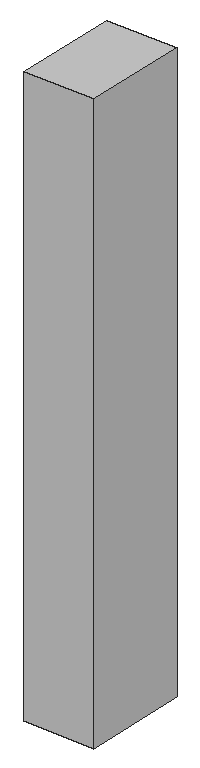
Revit family "M_Concrete-Rectangular-Column", category Structural Columns, Revit 2014
Parameters (values of type "300 x 450mm")
  b = 300 mm
  h = 450 mm
  Structural Material [instance] = Concrete, Cast-in-Place gray
Types (4, lengths in mm): name | b | h
  (no name) | 300 | 450
  300 x 450mm | 300 | 450
  450 x 600mm | 450 | 600
  600 x 750mm | 600 | 750
Reference planes
  plane 1 "Center (Front/Back)": y = 0
  plane 2: z = 0
  plane 3 "Center (Left/Right)": x = 0
  plane 4: x = -150
  plane 5: x = 150
  plane 6: y = 225
  plane 7: y = -225
Forms (mm)
  Extrusion 1, solid, material "Concrete, Cast-in-Place gray" <- "Structural Material"
    sketch origin (0, 0, 0) x (1, 0, 0) y (0, 1, 0)
      loop
        line (-150, 225) -> (-150, -225) -> (150, -225) -> (150, 225) -> (-150, 225)
    from 0 to 2500
Dimensions and locks
  equal spacing: plane 4, plane 3 "Center (Left/Right)", plane 5
  equal spacing: plane 7, plane 1 "Center (Front/Back)", plane 6
  "h": plane 7 to plane 6
  "b": plane 4 to plane 5
  aligned and locked: plane 6 to Extrusion 1 sketch curve
  aligned and locked: Extrusion 1 sketch curve to plane 7
  aligned and locked: Extrusion 1 sketch curve to plane 4
  aligned and locked: plane 5 to Extrusion 1 sketch curve
  aligned and locked: level to Extrusion 1
  aligned and locked: level to plane 2
  aligned and locked: Extrusion 1 to plane 2
